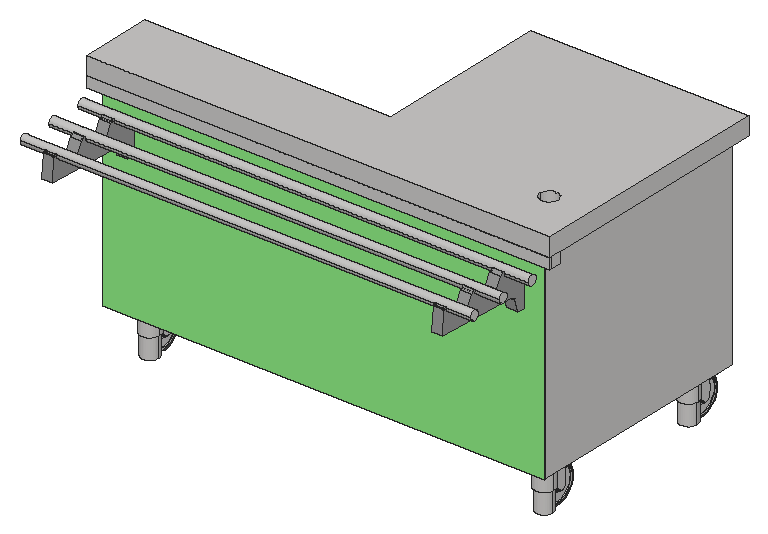
Revit family "QF_BOURGEAT_Self_Meuble_caisse_rampe_gauche", category Equipement spécialisé, Revit 2015
Parameters (values of type "meuble_avec_roues")
  URL catalogue = "http://www.bourgeat.fr/fr/"
  URL = ""
  Type de Raccord Electrique = ""
  Type article = ""
  Spécification du Fabricant = "Meuble_de caisse rampe à gauche OASIS"
  Roues = yes
  Remarques Electricité = ""
  Profondeur hors tout = 820 mm
  Poids net à vide = 115.00 kg
  Pieds = no
  lgmeuble = Longueur hors tout - 68 mm  # 1466 mm
  lgconsole = Longueur hors tout - 44 mm  # 1490 mm
  Nature isolant = "Laine de verre"
  Modèle = "854510+854950"
  Longueur hors tout = 1534 mm
  Hauteur hors tout = 900 mm
  Fabricant = "BOURGEAT"
  Contact SAV = "0033 (0)4.76.32.14.44"
  Charge max = 150.00 kg
  Certification = "NF alimentaire"
Types (2, lengths in mm): name | Roues | Pieds | Modèle
  meuble_avec_pieds | no | yes | "854510"
  meuble_avec_roues | yes | no | "854510+854950"
Reference planes
  plane 1 "Centre (avant/arrière)": y = 0
  plane 2: z = 0
  plane 3 "Centre (gauche/droite)": x = 0
  plane 4: z = 640
Dimensions and locks
  locked: plane 4 to plane 2 at 640
  aligned and locked: level to plane 2
  aligned and locked: plane 3 "Centre (gauche/droite)" to nested 1
  aligned and locked: plane 1 "Centre (avant/arrière)" to nested 1
  aligned and locked: nested 2 to nested 1  (x2)
  aligned and locked: nested 1 to plane 2
  aligned and locked: nested 3 to nested 2
  aligned and locked: nested 3 to nested 1
  aligned and locked: plane 4 to nested 3
Nested families
  nested 1: "corps_meuble_rampe_gauche" at (0, 0, 160), type "corps_meuble_rampe_gauche"
  nested 2: "dessus_rampe_gauche" at (-732, 386.5, 808), type "cuve_90"
  nested 3: "barre_et_console" at (-732, 0, 465) x (-1, 0, 0) z (0, 0, 1), type "barre_et_console"
Connectors
  electrical at (-200, 130, 147.533)
    settings: on nested 1, index 1, voltage 0 V, apparent load 0 VA, apparent load phase1 0 VA, apparent load phase2 0 VA, apparent load phase3 0 VA, power factor 1, load classification "Autre", number of poles 1, system type 30, power factor state 1, is connector primary yes, connector utility no, sub classification motor no, connector description ""
  electrical at (-140, 130, 147.533)
    settings: on nested 1, index 2, voltage 0 V, apparent load 0 VA, apparent load phase1 0 VA, apparent load phase2 0 VA, apparent load phase3 0 VA, power factor 1, load classification "Autre", number of poles 1, system type 30, power factor state 1, is connector primary no, connector utility no, sub classification motor no, connector description ""
Definition of nested family "corps_meuble_rampe_gauche"
  Parameters (values of type "corps_meuble_rampe_gauche")
    roues = yes
    pieds = yes
    lg_ouverture_cuve = lg_meuble - 200 mm  # 1264 mm
    lg_meuble = Largeur_hors_tout - 70 mm  # 1464 mm
    Largeur_hors_tout = 1534 mm
  Reference planes
    plane 1 "Centre (avant/arrière)": y = 0
    plane 2: z = 0
    plane 3 "Centre (gauche/droite)": x = 0
    plane 4: z = 680
    plane 5: x = -732
    plane 6: x = -1464
    plane 7: x = -80
    plane 8: x = -650
    plane 9: y = 193
    plane 10: y = 96.5
    plane 11: x = -1384
    plane 12: y = 773
    plane 13: y = 693
    plane 14: x = -570
    plane 15: y = 386.5
    plane 16: y = 130
    plane 17: x = -140
    plane 18: x = -200
    plane 19: y = -1
  Forms (mm)
    Extrusion 1, solid
      sketch origin (0, 4.186, 0) x (1, 0, 0) y (0, 1, 0)
        loop
          line (-1464, 188.814) -> (-1464, -4.186) -> (0, -4.186) -> (0, 768.814) -> (-650, 768.814) -> (-650, 188.814) -> (-1464, 188.814)
      from 0 to 680
    Extrusion 2, solid
      sketch origin (0, 0, 0) x (1, 0, 0) y (0, 1, 0)
        loop
          circle (-140, 130) r 10
        loop
          circle (-200, 130) r 10
      from 0 to -12.467
    Extrusion 3, solid
      sketch origin (0, 0, 0) x (1, 0, 0) y (0, 0, 1)
        loop
          line (-1464, 680) -> (-1464, 0) -> (0, 0) -> (0, 680) -> (-1464, 680)
      from 0 to 1
  Dimensions and locks
    locked: plane 4 to plane 2 at 680
    "lg_meuble": plane 6 to plane 3 "Centre (gauche/droite)"
    equal spacing: plane 6, plane 5, plane 3 "Centre (gauche/droite)"
    locked: plane 8 to plane 3 "Centre (gauche/droite)" at 650
    locked: plane 7 to plane 3 "Centre (gauche/droite)" at 80
    plane 1 "Centre (avant/arrière)" to plane 9 = 193 mm
    locked: plane 6 to plane 11 at 80
    locked: plane 1 "Centre (avant/arrière)" to plane 12 at 773
    locked: plane 8 to plane 14 at 80
    equal spacing: plane 9, plane 10, plane 1 "Centre (avant/arrière)"
    locked: plane 9 to plane 1 "Centre (avant/arrière)" at 193
    locked: plane 12 to plane 13 at 80
    equal spacing: plane 12, plane 15, plane 1 "Centre (avant/arrière)"
    locked: plane 1 "Centre (avant/arrière)" to plane 16 at 130
    locked: plane 17 to plane 3 "Centre (gauche/droite)" at 140
    locked: plane 18 to plane 3 "Centre (gauche/droite)" at 200
    aligned and locked: level to plane 2
    aligned and locked: plane 4 to Extrusion 1
    aligned and locked: Extrusion 1 to plane 8
    aligned and locked: plane 9 to Extrusion 1
    aligned and locked: plane 1 "Centre (avant/arrière)" to Extrusion 1
    aligned and locked: plane 12 to Extrusion 1
    aligned and locked: nested 1 to plane 10
    aligned and locked: plane 11 to nested 1
    aligned and locked: nested 4 to plane 14
    aligned and locked: nested 4 to plane 13
    aligned and locked: plane 7 to nested 2
    aligned and locked: nested 2 to plane 10
    aligned and locked: nested 3 to plane 13
    aligned and locked: plane 7 to nested 3
    aligned and locked: nested 5 to plane 13
    aligned and locked: nested 5 to plane 14
    aligned and locked: nested 7 to plane 13
    aligned and locked: plane 7 to nested 7
    aligned and locked: nested 6 to plane 10
    aligned and locked: plane 7 to nested 6
    aligned and locked: plane 11 to nested 8
    aligned and locked: nested 8 to plane 10
    aligned and locked: nested 2 to plane 2
    aligned and locked: nested 3 to plane 2
    aligned and locked: nested 6 to plane 2
    aligned and locked: nested 4 to plane 2
    aligned and locked: nested 5 to plane 2
    aligned and locked: nested 1 to plane 2
    aligned and locked: nested 8 to plane 2
    aligned and locked: Extrusion 3 sketch curve to Extrusion 1  (x4)
    aligned and locked: plane 19 to Extrusion 3
  Automatic sketch dimensions
    Extrusion 1 sketch curve to plane 1 "Centre (avant/arrière)" = 0 mm
    Extrusion 1 sketch curve to plane 6 = 0 mm
    Extrusion 1 sketch curve to plane 8 = 0 mm
    Extrusion 1 sketch curve to plane 3 "Centre (gauche/droite)" = 0 mm
    plane 9 to Extrusion 1 sketch curve = 0 mm
    plane 9 to Extrusion 1 sketch curve = 580 mm
    plane 16 to Extrusion 2 sketch curve = 0 mm  (x2)
    Extrusion 2 sketch curve to plane 18 = 0 mm
    Extrusion 2 sketch curve to plane 17 = 0 mm
    radius of Extrusion 2 sketch curve = 10 mm  (x2)
  Nested families
    nested 1: "pied" at (-1384, 96.5, -160), type "pied"
    nested 2: "pied" at (-80, 96.5, -160), type "pied"
    nested 3: "pied" at (-80, 693, -160), type "pied"
    nested 4: "pied" at (-570, 693, -160), type "pied"
    nested 5: "roue_ht160" at (-570, 693, -160.21), type "roue_ht160"
      with Sans frein yes, Avec frein yes
    nested 6: "roue_ht160" at (-80, 96.5, -160.21), type "roue_ht160"
      with Sans frein yes, Avec frein yes
    nested 7: "roue_ht160" at (-80, 693, -160.21), type "roue_ht160"
      with Sans frein yes, Avec frein yes
    nested 8: "roue_ht160" at (-1384, 96.5, -160.21), type "roue_ht160"
      with Sans frein yes, Avec frein yes
  Definition of nested family "pied"
    Reference planes
      plane 1 "Centre (avant/arrière)": y = 0
      plane 2: z = 0
      plane 3 "Centre (gauche/droite)": x = 0
    Forms (mm)
      Revolve 1, solid
        sketch origin (0, 0, 0) x (1, 0, 0) y (0, 0, 1)
          loop
            line (0, 160) -> (-33, 160) -> (-33, 70) -> (-28, 70) -> (-28, 0) -> (0, 0) -> (0, 160)
          axis (0, 160) -> (0, 0)
        angle from 0 to 360
    Dimensions and locks
      plane 3 "Centre (gauche/droite)" to Revolve 1 sketch curve = 28 mm
      Revolve 1 sketch curve to plane 3 "Centre (gauche/droite)" = 33 mm
      Revolve 1 sketch curve to plane 2 = 70 mm
      Revolve 1 sketch curve to Revolve 1 sketch curve = 90 mm
      aligned and locked: level to plane 2
  Definition of nested family "roue_ht160"
    Parameters (values of type "roue_ht160")
      Sans frein [instance] = yes
      Avec frein [instance] = yes
    Reference planes
      plane 1 "Centre (avant/arrière)": y = 0
      plane 2: z = 0
      plane 3 "Centre (gauche/droite)": x = 0
      plane 4: y = 40.851
      plane 5: z = 62.5
    Forms (mm)
      Extrusion 1, solid
        sketch origin (0, 0, 0) x (0, 1, 0) y (0, 0, 1)
          loop
            circle (40.851, 62.5) r 62.5
          loop
            circle (40.851, 62.5) r 57.5
        from -12.5 to 12.5
      Revolve 2, solid
        sketch origin (0, 0, 0) x (0, 1, 0) y (0, 0, 1)
          loop
            line (0, 160.21) -> (-20.149, 160.21) -> (-20.149, 159.41) -> (-21.6, 159.41)
            arc (-21.6, 159.41) -> (-24.448, 158.65) -> (-26.537, 156.572) r 5.712
            line (-26.537, 156.572) -> (-30.146, 147.743) -> (-26.999, 147.062) -> (-26.999, 146.112)
            arc (-26.999, 146.112) -> (-27.23, 145.314) -> (-27.849, 144.761) r 1.5
            arc (-27.849, 144.761) -> (-29.223, 143.633) -> (-29.923, 142) r 3.75
            line (-29.923, 142) -> (0, 142) -> (0, 160.21)
          axis (0, 160.21) -> (0, 142)
        angle from 0 to 360
      Extrusion 3, solid
        sketch origin (0, 0, 0) x (0, 1, 0) y (0, 0, -1)
          loop
            line (-29.974, -138.241) -> (-29.974, -142) -> (21.747, -142) -> (21.747, -60.336)
            arc (21.747, -60.336) -> (10.272, -70.702) -> (-0.149, -82.127) r 160.057
            arc (-0.149, -82.127) -> (-17.883, -108.684) -> (-29.974, -138.241) r 159.585
        from -24.913 to -23.038
      Extrusion 4, solid
        sketch origin (0, 0, 0) x (0, 1, 0) y (0, 0, 1)
          loop
            line (-29.974, 142) -> (-29.974, 140.869) -> (21.747, 140.869) -> (21.747, 142) -> (-29.974, 142)
        from -23.038 to 23.038
      Extrusion 5, solid
        sketch origin (0, 0, 0) x (0, 1, 0) y (0, 0, 1)
          loop
            circle (40.851, 62.5) r 57.5
          loop
            circle (40.851, 62.5) r 55
        from -12.5 to 12.5
      Extrusion 6, solid
        sketch origin (0, 0, 0) x (0, 1, 0) y (0, 0, 1)
          loop
            circle (40.851, 62.5) r 55
        from -7 to 7
      Extrusion 7, solid
        sketch origin (0, 0, 0) x (0, 1, 0) y (0, 0, 1)
          loop
            circle (40.851, 62.5) r 21
        from 7 to 15
      Extrusion 8, solid
        sketch origin (0, 0, 0) x (0, 1, 0) y (0, 0, -1)
          loop
            circle (40.851, -62.5) r 16
        from -23.038 to -15
      Extrusion 9, solid, visible <- "Sans frein"
        sketch origin (0, 0, 0) x (0, 1, 0) y (0, 0, 1)
          loop
            arc (21.747, 60.336) -> (23.188, 59.17) -> (24.642, 58.02) r 161.23
            arc (24.642, 58.02) -> (29.34, 54.513) -> (34.187, 51.216) r 133.333
            arc (34.187, 51.216) -> (46.517, 50.3) -> (53.927, 60.198) r 12.867
            arc (53.927, 60.198) -> (54.714, 99.183) -> (46.119, 137.216) r 161.222
            arc (46.119, 137.216) -> (45.679, 138.887) -> (45.531, 140.609) r 10.076
            line (45.531, 140.609) -> (45.531, 142) -> (21.747, 142) -> (21.747, 60.336)
        from 23.038 to 24.913
      Extrusion 10, solid, visible <- "Sans frein"
        sketch origin (0, 0, 0) x (0, 1, 0) y (0, 0, 1)
          loop
            line (21.747, 142) -> (21.747, 140.701) -> (48.851, 140.701) -> (48.851, 142) -> (21.747, 142)
        from -23.038 to 23.038
      Extrusion 11, solid, visible <- "Avec frein"
        sketch origin (0, 0, 0) x (0, 1, 0) y (0, 0, 1)
          loop
            line (21.747, 142) -> (21.747, 60.336)
            arc (21.747, 60.336) -> (23.177, 59.179) -> (24.62, 58.038) r 160.008
            arc (24.62, 58.038) -> (29.041, 54.705) -> (33.574, 51.527) r 160
            arc (33.574, 51.527) -> (46.135, 50.422) -> (53.724, 60.491) r 13
            arc (53.724, 60.491) -> (55.279, 82.092) -> (53.902, 103.704) r 160
            arc (53.902, 103.704) -> (55.53, 108.653) -> (60.415, 110.463) r 6
            arc (60.415, 110.463) -> (80.625, 109.924) -> (100.725, 112.107) r 150
            arc (100.725, 112.107) -> (104.408, 113.406) -> (107.479, 115.819) r 12
            line (107.479, 115.819) -> (110.851, 121.523)
            arc (110.851, 121.523) -> (85.913, 134.651) -> (58.706, 142) r 127.902
            line (58.706, 142) -> (21.747, 142)
        from 23.038 to 24.913
      Extrusion 12, solid, visible <- "Avec frein"
        sketch origin (0, 0, 0) x (0, 1, 0) y (0, 0, 1)
          loop
            line (58.706, 142) -> (21.747, 142) -> (21.747, 140) -> (58.552, 140)
            arc (58.552, 140) -> (85.253, 132.762) -> (109.73, 119.866) r 125.902
            line (109.73, 119.866) -> (110.851, 121.523)
            arc (110.851, 121.523) -> (85.913, 134.651) -> (58.706, 142) r 127.902
        from -23.038 to 23.038
      Extrusion 13, solid, visible <- "Avec frein"
        sketch origin (0, 19.896, 18.175) x (0, 1, 0) y (0, 0, 1)
          loop
            line (87.583, 97.644) -> (91.829, 95.227)
            arc (91.829, 95.227) -> (93.8, 95.006) -> (95.312, 96.29) r 2.5
            arc (95.312, 96.29) -> (103.495, 100.002) -> (111.176, 104.666) r 74.999
            line (111.176, 104.666) -> (110.852, 105.929)
            arc (110.852, 105.929) -> (110.04, 107.086) -> (108.666, 107.417) r 2
            arc (108.666, 107.417) -> (101.396, 105.849) -> (94.512, 103.034) r 42.354
            line (94.512, 103.034) -> (93.479, 101.228) -> (93.285, 100.414) -> (91.69, 101.675) -> (90.401, 102.412) -> (87.583, 97.644)
        from -23.038 to 23.038
      Extrusion 14, solid, not visible
        sketch origin (0, 0, 0) x (0, 1, 0) y (0, 0, -1)
          loop
            line (-29.974, -138.241) -> (-29.974, -142) -> (21.747, -142) -> (21.747, -60.336)
            arc (21.747, -60.336) -> (10.272, -70.702) -> (-0.149, -82.127) r 160.057
            arc (-0.149, -82.127) -> (-17.883, -108.684) -> (-29.974, -138.241) r 159.585
        from -24.913 to -23.038
      Extrusion 15, solid, not visible
        sketch origin (0, 0, 0) x (0, 1, 0) y (0, 0, 1)
          loop
            circle (40.851, 62.5) r 21
        from 7 to 15
      Extrusion 16, solid, not visible
        sketch origin (0, 0, 0) x (0, 1, 0) y (0, 0, -1)
          loop
            circle (40.851, -62.5) r 16
        from -23.038 to -15
      Extrusion 17, solid, visible <- "Sans frein", not visible
        sketch origin (0, 0, 0) x (0, 1, 0) y (0, 0, 1)
          loop
            arc (21.747, 60.336) -> (23.188, 59.17) -> (24.642, 58.02) r 161.23
            arc (24.642, 58.02) -> (29.34, 54.513) -> (34.187, 51.216) r 133.333
            arc (34.187, 51.216) -> (46.517, 50.3) -> (53.927, 60.198) r 12.867
            arc (53.927, 60.198) -> (54.714, 99.183) -> (46.119, 137.216) r 161.222
            arc (46.119, 137.216) -> (45.679, 138.887) -> (45.531, 140.609) r 10.076
            line (45.531, 140.609) -> (45.531, 142) -> (21.747, 142) -> (21.747, 60.336)
        from 23.038 to 24.913
      Extrusion 18, solid, visible <- "Avec frein", not visible
        sketch origin (0, 0, 0) x (0, 1, 0) y (0, 0, 1)
          loop
            line (21.747, 142) -> (21.747, 60.336)
            arc (21.747, 60.336) -> (23.177, 59.179) -> (24.62, 58.038) r 160.008
            arc (24.62, 58.038) -> (29.041, 54.705) -> (33.574, 51.527) r 160
            arc (33.574, 51.527) -> (46.135, 50.422) -> (53.724, 60.491) r 13
            arc (53.724, 60.491) -> (55.279, 82.092) -> (53.902, 103.704) r 160
            arc (53.902, 103.704) -> (55.53, 108.653) -> (60.415, 110.463) r 6
            arc (60.415, 110.463) -> (80.625, 109.924) -> (100.725, 112.107) r 150
            arc (100.725, 112.107) -> (104.408, 113.406) -> (107.479, 115.819) r 12
            line (107.479, 115.819) -> (110.851, 121.523)
            arc (110.851, 121.523) -> (85.913, 134.651) -> (58.706, 142) r 127.902
            line (58.706, 142) -> (21.747, 142)
        from 23.038 to 24.913
      Extrusion 19, solid
        sketch origin (0, 0, 0) x (0, -1, 0) y (0, 0, -1)
          loop
            arc (29.974, -138.241) -> (17.883, -108.684) -> (0.149, -82.127) r 159.585
            arc (0.149, -82.127) -> (-10.272, -70.702) -> (-21.747, -60.336) r 160.057
            line (-21.747, -60.336) -> (-21.747, -142) -> (29.974, -142) -> (29.974, -138.241)
        from -24.913 to -23.038
      Extrusion 20, solid
        sketch origin (0, 0, 0) x (0, -1, 0) y (0, 0, 1)
          loop
            circle (-40.851, 62.5) r 21
        from 7 to 15
      Extrusion 21, solid
        sketch origin (0, 0, 0) x (0, -1, 0) y (0, 0, -1)
          loop
            circle (-40.851, -62.5) r 16
        from -23.038 to -15
      Extrusion 22, solid, visible <- "Sans frein"
        sketch origin (0, 0, 0) x (0, -1, 0) y (0, 0, 1)
          loop
            line (-21.747, 60.336) -> (-21.747, 142) -> (-45.531, 142) -> (-45.531, 140.609)
            arc (-45.531, 140.609) -> (-45.679, 138.887) -> (-46.119, 137.216) r 10.076
            arc (-46.119, 137.216) -> (-54.714, 99.183) -> (-53.927, 60.198) r 161.222
            arc (-53.927, 60.198) -> (-46.517, 50.3) -> (-34.187, 51.216) r 12.867
            arc (-34.187, 51.216) -> (-29.34, 54.513) -> (-24.642, 58.02) r 133.333
            arc (-24.642, 58.02) -> (-23.188, 59.17) -> (-21.747, 60.336) r 161.23
        from 23.038 to 24.913
      Extrusion 23, solid, visible <- "Avec frein"
        sketch origin (0, 0, 0) x (0, -1, 0) y (0, 0, 1)
          loop
            line (-21.747, 142) -> (-58.706, 142)
            arc (-58.706, 142) -> (-85.913, 134.651) -> (-110.851, 121.523) r 127.902
            line (-110.851, 121.523) -> (-107.479, 115.819)
            arc (-107.479, 115.819) -> (-104.408, 113.406) -> (-100.725, 112.107) r 12
            arc (-100.725, 112.107) -> (-80.625, 109.924) -> (-60.415, 110.463) r 150
            arc (-60.415, 110.463) -> (-55.53, 108.653) -> (-53.902, 103.704) r 6
            arc (-53.902, 103.704) -> (-55.279, 82.092) -> (-53.724, 60.491) r 160
            arc (-53.724, 60.491) -> (-46.135, 50.422) -> (-33.574, 51.527) r 13
            arc (-33.574, 51.527) -> (-29.041, 54.705) -> (-24.62, 58.038) r 160
            arc (-24.62, 58.038) -> (-23.177, 59.179) -> (-21.747, 60.336) r 160.008
            line (-21.747, 60.336) -> (-21.747, 142)
        from 23.038 to 24.913
    Dimensions and locks
      aligned and locked: level to plane 2
Definition of nested family "dessus_rampe_gauche"
  Parameters (values of type "cuve_90")
    profondeur_cuve = 90 mm
    lg_dessus = Largeur_hors_tout - 68 mm  # 1466 mm
    Largeur_hors_tout = 1534 mm
  Reference planes
    plane 1 "Centre (avant/arrière)": y = 0
    plane 2: z = 0
    plane 3 "Centre (gauche/droite)": x = 0
    plane 4: y = 410
    plane 5: y = -410
    plane 6: x = -767
    plane 7: x = 767
    plane 8: z = 92
    plane 9: y = -170
    plane 10: x = 47
    plane 11: z = 2
    plane 12: z = 32
    plane 13: y = -408
    plane 14: z = 82
    plane 15: z = -4
    plane 16: x = -912
    plane 17: y = -290
    plane 18: x = 632
    plane 19: y = -245
  Forms (mm)
    Extrusion 1, solid
      sketch origin (12, -10, 0) x (1, 0, 0) y (0, 1, 0)
        loop
          line (-779, 420) -> (-779, -400) -> (755, -400) -> (755, 420) -> (-779, 420)
      from 32 to 92
    Extrusion 2, solid
      sketch origin (0, 0, 0) x (1, 0, 0) y (0, 1, 0)
        loop
          line (-767, -408) -> (-767, -410) -> (767, -410) -> (767, -408) -> (-767, -408)
      from -4 to 32
    Extrusion 3, solid
      sketch origin (0, 0, 0) x (0, 1, 0) y (0, 0, 1)
        loop
          line (-408, -4) -> (-370, -4) -> (-370, 32) -> (-408, 32) -> (-408, -4)
      from -767 to 767
    Extrusion 4, void
      sketch origin (0, 0, 0) x (1, 0, 0) y (0, 1, 0)
        loop
          line (47, 686.5) -> (-912, 686.5) -> (-912, -170) -> (47, -170) -> (47, 686.5)
      from 0 to 250
    Extrusion 5, void
      sketch origin (0, 0, 0) x (1, 0, 0) y (0, 1, 0)
        loop
          circle (632, -245) r 30
      from 0 to 250
  Cuts and joins
    Extrusion 4, Extrusion 5 cuts Extrusion 1
  Dimensions and locks
    equal spacing: plane 6, plane 3 "Centre (gauche/droite)", plane 7
    "Largeur_hors_tout": plane 6 to plane 7
    plane 8 to plane 2 = 92 mm
    plane 5 to plane 9 = 240 mm
    locked: plane 10 to plane 7 at 720
    locked: plane 8 to plane 12 at 60
    locked: plane 5 to plane 13 at 2
    locked: plane 15 to plane 12 at 36
    "profondeur_cuve": plane 8 to plane 11
    locked: plane 16 to plane 6 at 145
    locked: plane 4 to plane 5 at 820
    equal spacing: plane 5, plane 17, plane 9
    equal spacing: plane 5, plane 1 "Centre (avant/arrière)", plane 4
    locked: plane 18 to plane 7 at 135
    locked: plane 5 to plane 19 at 165
    aligned and locked: plane 2 to level
    aligned and locked: plane 6 to Extrusion 1 sketch curve
    aligned and locked: Extrusion 1 sketch curve to plane 7
    aligned and locked: plane 8 to Extrusion 1
    aligned and locked: plane 4 to Extrusion 1
    aligned and locked: plane 5 to Extrusion 1
    aligned and locked: Extrusion 2 sketch curve to plane 13
    aligned and locked: plane 6 to Extrusion 2 sketch curve
    aligned and locked: plane 12 to Extrusion 3 sketch curve
    aligned and locked: Extrusion 2 to Extrusion 3 sketch curve
    aligned and locked: plane 15 to Extrusion 3 sketch curve
    aligned and locked: Extrusion 2 to Extrusion 3
    aligned and locked: Extrusion 4 sketch curve to plane 10
    aligned and locked: Extrusion 4 sketch curve to plane 9
    aligned and locked: plane 16 to Extrusion 4 sketch curve
    aligned and locked: plane 7 to Extrusion 3
    aligned and locked: Extrusion 3 to plane 6
    aligned and locked: plane 18 to Extrusion 5 sketch curve
    aligned and locked: plane 19 to Extrusion 5 sketch curve
  Automatic sketch dimensions
    Extrusion 1 sketch curve to plane 5 = 0 mm
    plane 4 to Extrusion 1 sketch curve = 0 mm
    Extrusion 3 sketch curve to plane 5 = 2 mm
    Extrusion 3 sketch curve to Extrusion 3 sketch curve = 38 mm
    plane 5 to Extrusion 2 sketch curve = 0 mm
    Extrusion 2 sketch curve to plane 7 = 0 mm
    plane 4 to Extrusion 4 sketch curve = 276.5 mm
    radius of Extrusion 5 sketch curve = 30 mm
Definition of nested family "barre_et_console"
  Parameters (values of type "barre_et_console")
    lg_ht = 1534 mm
    lg_barre_console = lg_ht - 44 mm  # 1490 mm
  Reference planes
    plane 1 "Centre (avant/arrière)": y = 0
    plane 2: z = 0
    plane 3 "Centre (gauche/droite)": x = 0
    plane 4: x = -745
    plane 5: x = 745
    plane 6: x = -645
    plane 7: x = 645
    plane 8: z = 320.378
    plane 9: z = 175
  Dimensions and locks
    locked: plane 4 to plane 6 at 100
    locked: plane 7 to plane 5 at 100
    equal spacing: plane 4, plane 3 "Centre (gauche/droite)", plane 5
    "lg_barre_console": plane 4 to plane 5
    aligned and locked: level to plane 2
    aligned and locked: nested 1 to plane 1 "Centre (avant/arrière)"
    aligned and locked: plane 6 to nested 1
    aligned and locked: plane 7 to nested 2
    aligned and locked: plane 5 to nested 3
    aligned and locked: nested 3 to plane 4
    aligned and locked: plane 8 to nested 3
    aligned and locked: plane 9 to nested 1
  Nested families
    nested 1: "console" at (-645, 0, 0) x (0, 1, 0) z (0, 0, 1), type "console"
    nested 2: "console" at (645, 0, 0) x (0, 1, 0) z (0, 0, 1), type "console"
    nested 3: "barre" at (745, 0, 19.415) x (0, 1, 0) z (0, 0, 1), type "barre"
  Definition of nested family "console"
    Reference planes
      plane 1 "Centre (avant/arrière)": y = 0
      plane 2: z = 0
      plane 3 "Centre (gauche/droite)": x = 0
      plane 4: y = 18
      plane 5: y = -18
      plane 6: y = 0
    Forms (mm)
      Extrusion 1, solid
        sketch origin (-12.245, 0, 175) x (1, 0, 0) y (0, 0, 1)
          loop
            line (12.245, 100) -> (12.245, 0) -> (39.579, 4.82) -> (50.894, 44.279)
            arc (50.894, 44.279) -> (55.986, 52.254) -> (64.592, 56.187) r 16.714
            line (64.592, 56.187) -> (348.499, 69.146) -> (343.309, 143.358)
            arc (343.309, 143.358) -> (342.973, 144.595) -> (342.189, 145.609) r 3.292
            line (342.189, 145.609) -> (337.923, 148.439)
            arc (337.923, 148.439) -> (337.371, 148.545) -> (336.906, 148.229) r 0.731
            arc (336.906, 148.229) -> (320.176, 130.386) -> (309.012, 152.149) r 14.958
            arc (309.012, 152.149) -> (308.597, 152.587) -> (308.001, 152.491) r 0.646
            line (308.001, 152.491) -> (297.265, 144.401) -> (278.874, 108.385)
            arc (278.874, 108.385) -> (262.102, 99.164) -> (245.329, 108.385) r 19.864
            line (245.329, 108.385) -> (229.634, 139.188) -> (217.945, 148.321)
            arc (217.945, 148.321) -> (217.306, 148.53) -> (216.976, 147.944) r 0.53
            arc (216.976, 147.944) -> (200.124, 130.629) -> (188.973, 152.064) r 14.905
            arc (188.973, 152.064) -> (188.691, 152.524) -> (188.154, 152.476) r 0.511
            line (188.154, 152.476) -> (177.098, 144.144) -> (158.855, 108.341)
            arc (158.855, 108.341) -> (142.039, 98.901) -> (125.223, 108.341) r 19.698
            line (125.223, 108.341) -> (109.334, 139.526) -> (97.932, 148.434)
            arc (97.932, 148.434) -> (97.187, 148.438) -> (96.994, 147.718) r 0.61
            arc (96.994, 147.718) -> (79.923, 130.663) -> (69.024, 152.192) r 14.902
            arc (69.024, 152.192) -> (68.66, 152.548) -> (68.158, 152.464) r 0.563
            line (68.158, 152.464) -> (57.103, 144.336) -> (39.164, 108.745)
            arc (39.164, 108.745) -> (33.443, 102.448) -> (25.295, 100) r 15.908
            line (25.295, 100) -> (12.245, 100)
        from -18 to 18
    Dimensions and locks
      plane 4 to plane 5 = 36 mm
      equal spacing: plane 4, plane 6, plane 5, locked at 18 each
      aligned and locked: level to plane 2
      aligned and locked: plane 4 to Extrusion 1
      aligned and locked: Extrusion 1 to plane 5
      aligned and locked: plane 6 to plane 1 "Centre (avant/arrière)"
      aligned and locked: Extrusion 1 to plane 3 "Centre (gauche/droite)"
    Automatic sketch dimensions
      Extrusion 1 sketch curve to Extrusion 1 sketch curve = 12.714 mm
      Extrusion 1 sketch curve to Extrusion 1 sketch curve = 13.05 mm
      Extrusion 1 sketch curve to Extrusion 1 sketch curve = 14.206 mm
      Extrusion 1 sketch curve to Extrusion 1 sketch curve = 27.334 mm
      Extrusion 1 sketch curve to Extrusion 1 sketch curve = 11.315 mm
      Extrusion 1 sketch curve to Extrusion 1 sketch curve = 17.938 mm
      Extrusion 1 sketch curve to Extrusion 1 sketch curve = 13.698 mm
      Extrusion 1 sketch curve to Extrusion 1 sketch curve = 16.057 mm
      Extrusion 1 sketch curve to Extrusion 1 sketch curve = 11.055 mm
      Extrusion 1 sketch curve to Extrusion 1 sketch curve = 0.333 mm
      Extrusion 1 sketch curve to Extrusion 1 sketch curve = 13.785 mm
      Extrusion 1 sketch curve to Extrusion 1 sketch curve = 15.28 mm
      Extrusion 1 sketch curve to Extrusion 1 sketch curve = 0.376 mm
      Extrusion 1 sketch curve to Extrusion 1 sketch curve = 11.401 mm
      Extrusion 1 sketch curve to Extrusion 1 sketch curve = 15.89 mm
      Extrusion 1 sketch curve to Extrusion 1 sketch curve = 16.816 mm  (x2)
      Extrusion 1 sketch curve to Extrusion 1 sketch curve = 18.243 mm
      Extrusion 1 sketch curve to Extrusion 1 sketch curve = 11.057 mm
      Extrusion 1 sketch curve to Extrusion 1 sketch curve = 0.308 mm
      Extrusion 1 sketch curve to Extrusion 1 sketch curve = 13.831 mm
      Extrusion 1 sketch curve to Extrusion 1 sketch curve = 15.204 mm
      Extrusion 1 sketch curve to Extrusion 1 sketch curve = 0.447 mm
      Extrusion 1 sketch curve to Extrusion 1 sketch curve = 11.69 mm
      Extrusion 1 sketch curve to Extrusion 1 sketch curve = 15.695 mm
      Extrusion 1 sketch curve to Extrusion 1 sketch curve = 16.772 mm  (x2)
      Extrusion 1 sketch curve to Extrusion 1 sketch curve = 18.391 mm
      Extrusion 1 sketch curve to Extrusion 1 sketch curve = 10.737 mm
      Extrusion 1 sketch curve to Extrusion 1 sketch curve = 0.389 mm
      Extrusion 1 sketch curve to Extrusion 1 sketch curve = 13.868 mm
      Extrusion 1 sketch curve to Extrusion 1 sketch curve = 15.261 mm
      Extrusion 1 sketch curve to Extrusion 1 sketch curve = 0.404 mm
      Extrusion 1 sketch curve to Extrusion 1 sketch curve = 2.506 mm
      Extrusion 1 sketch curve to Extrusion 1 sketch curve = 2.164 mm
      Extrusion 1 sketch curve to Extrusion 1 sketch curve = 1.12 mm
      Extrusion 1 sketch curve to Extrusion 1 sketch curve = 5.189 mm
      Extrusion 1 sketch curve to Extrusion 1 sketch curve = 4.639 mm
      Extrusion 1 sketch curve to Extrusion 1 sketch curve = 55.721 mm
      Extrusion 1 sketch curve to Extrusion 1 sketch curve = 8.745 mm
      Extrusion 1 sketch curve to Extrusion 1 sketch curve = 10.259 mm
      Extrusion 1 sketch curve to Extrusion 1 sketch curve = 10.642 mm
      Extrusion 1 sketch curve to Extrusion 1 sketch curve = 9.133 mm
      Extrusion 1 sketch curve to Extrusion 1 sketch curve = 31.185 mm
      Extrusion 1 sketch curve to Extrusion 1 sketch curve = 35.803 mm
      Extrusion 1 sketch curve to Extrusion 1 sketch curve = 35.592 mm
      Extrusion 1 sketch curve to Extrusion 1 sketch curve = 3.24 mm
      Extrusion 1 sketch curve to Extrusion 1 sketch curve = 2.946 mm
      Extrusion 1 sketch curve to Extrusion 1 sketch curve = 1.042 mm
      Extrusion 1 sketch curve to Extrusion 1 sketch curve = 0.609 mm
      Extrusion 1 sketch curve to Extrusion 1 sketch curve = 8.427 mm
      Extrusion 1 sketch curve to Extrusion 1 sketch curve = 0.286 mm
      Extrusion 1 sketch curve to Extrusion 1 sketch curve = 0.481 mm
      Extrusion 1 sketch curve to Extrusion 1 sketch curve = 0.516 mm
      Extrusion 1 sketch curve to Extrusion 1 sketch curve = 7.674 mm
      Extrusion 1 sketch curve to Extrusion 1 sketch curve = 7.924 mm
      Extrusion 1 sketch curve to Extrusion 1 sketch curve = 0.453 mm
      Extrusion 1 sketch curve to Extrusion 1 sketch curve = 0.408 mm
      Extrusion 1 sketch curve to Extrusion 1 sketch curve = 0.533 mm
      Extrusion 1 sketch curve to Extrusion 1 sketch curve = 0.511 mm
      Extrusion 1 sketch curve to Extrusion 1 sketch curve = 0.622 mm
      Extrusion 1 sketch curve to Extrusion 1 sketch curve = 4.82 mm
      Extrusion 1 sketch curve to Extrusion 1 sketch curve = 34.82 mm
      Extrusion 1 sketch curve to Extrusion 1 sketch curve = 76.232 mm
      Extrusion 1 sketch curve to Extrusion 1 sketch curve = 37.038 mm
      Extrusion 1 sketch curve to Extrusion 1 sketch curve = 39.239 mm
      Extrusion 1 sketch curve to Extrusion 1 sketch curve = 30.803 mm
      Extrusion 1 sketch curve to Extrusion 1 sketch curve = 34.743 mm
      Extrusion 1 sketch curve to Extrusion 1 sketch curve = 0.23 mm
      Extrusion 1 sketch curve to Extrusion 1 sketch curve = 36.015 mm
      Extrusion 1 sketch curve to Extrusion 1 sketch curve = 2.071 mm
      Extrusion 1 sketch curve to Extrusion 1 sketch curve = 7.575 mm
      Extrusion 1 sketch curve to plane 3 "Centre (gauche/droite)" = 0 mm
      level to Extrusion 1 sketch curve = 175 mm
  Definition of nested family "barre"
    Parameters (values of type "barre")
      lg_barre = 1490 mm
    Reference planes
      plane 1 "Centre (avant/arrière)": y = 0
      plane 2: z = 0
      plane 3 "Centre (gauche/droite)": x = 0
      plane 4: x = 70
      plane 5: x = 190
      plane 6: x = 309
      plane 7: z = 300.963
      plane 8: z = 94.658
      plane 9: y = 0
      plane 10: y = 1490
    Forms (mm)
      Extrusion 1, solid
        sketch origin (0, 0, 0) x (1, 0, 0) y (0, 0, 1)
          loop
            circle (70, 300.963) r 15
          loop
            circle (190, 300.963) r 15
          loop
            circle (309, 300.963) r 15
        from 0 to -1490
    Dimensions and locks
      plane 4 to plane 3 "Centre (gauche/droite)" = 70 mm
      plane 6 to plane 5 to plane 4 = 119 mm, 120 mm
      "lg_barre": plane 10 to plane 1 "Centre (avant/arrière)"
      aligned and locked: level to plane 2
      aligned and locked: Extrusion 1 to plane 9
      aligned and locked: plane 9 to plane 1 "Centre (avant/arrière)"
      aligned and locked: plane 10 to Extrusion 1
    Automatic sketch dimensions
      Extrusion 1 sketch curve to plane 4 = 0 mm
      Extrusion 1 sketch curve to plane 5 = 0 mm
      Extrusion 1 sketch curve to plane 6 = 0 mm
      Extrusion 1 sketch curve to plane 7 = 0 mm  (x3)
      radius of Extrusion 1 sketch curve = 15 mm  (x3)
